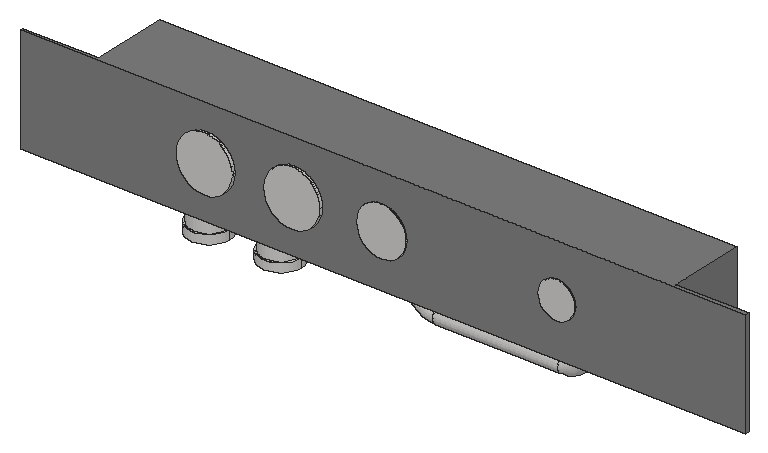
Revit family "5400F", category Generic Models, Revit 2021
Family settings
  Can host rebar = No
  Round Connector Dimension = Use Diameter
  Part Type = Normal
  Work Plane-Based = No
  Always vertical = Yes
  Cut with Voids When Loaded = No
  Shared = No
  Room Calculation Point = No
Parameters
  e-mail = "info@vola.com"
  URL = "http://vola.com"
  Telephone = "+45 7023 5500"
  Quality management standard = "ISO 9001"
  Organisation no. / DUNS no. = "17531328"
  Occupational health and safety management standard = "ISO 18001"
  Mounting Instructions = "http://vola.com/service/producturl.ashx?name=5400F"
  Model = "5400F"
  Materials and components information = "http://vola.com/service/producturl.ashx?name=5400F"
  Manufacturer = "VOLA A/S"
  Maintenance Instructions = "http://vola.com/service/producturl.ashx?name=5400F"
  Guarantee = "2 years"
  Flow = "43,00 l/min"
  Environmental management standard = "ISO 14000"
  Default Elevation = 0.00 mm
  Connection - All relevant connections = ""
  Approvals = "http://vola.com/service/producturl.ashx?name=5400F"
Reference planes
  plane 1 "Center (Front/Back)": y = 0
  plane 2: z = 0
  plane 3 "Center (Left/Right)": x = 0
  plane 4 "Inlet Center Plane": y = -29
  plane 5: z = 85
Forms (mm)
  Extrusion 1, solid, material "Default"
    sketch origin (10, 0, 16) x (1, 0, 0) y (0, 1, 0)
      loop
        line (-147.5, 0) -> (-147.5, -69) -> (366.5, -69) -> (366.5, 0) -> (-147.5, 0)
    from 21.5 to 116.5
  Extrusion 2, solid, material "Default"
    sketch origin (10, -1, 16) x (1, 0, 0) y (0, 1, 0)
      loop
        line (-215, -68) -> (-215, -70.5) -> (431.5, -70.5) -> (431.5, -68) -> (-215, -68)
    from 21.5 to 116.5
  Extrusion 3, solid, material "Stainless Steel"
    sketch origin (-59, -4, 37.5) x (0, 1, 0) y (1, 0, 0)
      loop
        circle (-25, -12) r 16.5
    from 0 to 29.77
  Extrusion 4, solid, material "Stainless Steel"
    sketch origin (5, -4, 37.5) x (0, 1, 0) y (1, 0, 0)
      loop
        circle (-25, -12) r 16.5
    from 0 to 29.77
  Extrusion 5, solid, material "Stainless Steel"
    sketch origin (-51.5, -71.5, 16) x (-1, 0, 0) y (0, 0, -1)
      loop
        circle (-12.5, -69) r 24.89
    from 0 to 2.5
  Extrusion 6, solid, material "Stainless Steel"
    sketch origin (26.5, -71.5, 16) x (-1, 0, 0) y (0, 0, -1)
      loop
        circle (-12.5, -69) r 24.89
    from 0 to 2.5
  Extrusion 7, solid, material "Stainless Steel"
    sketch origin (65.5, -71.5, 16) x (-1, 0, 0) y (0, 0, -1)
      loop
        circle (-51.5, -69) r 22
    from 0 to 0.26
  Extrusion 8, solid, material "Stainless Steel"
    sketch origin (-59, -4, 7.73) x (-1, 0, 0) y (0, 1, 0)
      loop
        circle (12, -25) r 18.5
    from 0 to 7.73
  Extrusion 9, solid, material "Stainless Steel"
    sketch origin (5, -4, 7.73) x (-1, 0, 0) y (0, 1, 0)
      loop
        circle (12, -25) r 18.5
    from 0 to 7.73
  Extrusion 10, solid, material "Stainless Steel"
    sketch origin (221.5, -71.5, 16) x (-1, 0, 0) y (0, 0, -1)
      loop
        circle (-51.5, -69) r 16.5
    from 0 to 0.26
  Sweep 11, solid, material "Stainless Steel"
    path origin (92, -35.26, 1219.2) x (-1, 0, 0) y (0, 0, 1)
      loop
        line (-25, -1181.7) -> (-25, -1186.2)
        arc (-25, -1186.2) -> (-31.59, -1202.11) -> (-47.5, -1208.7) r 22.5
        line (-47.5, -1208.7) -> (-158.5, -1208.7)
        arc (-158.5, -1208.7) -> (-174.41, -1202.11) -> (-181, -1186.2) r 22.5
        line (-181, -1186.2) -> (-181, -1181.7)
    profile origin (117, -35.26, 35.25) x (0, 1, 0) y (-1, 0, 0)
      loop
        circle (0, 0) r 7.5
Cuts and joins
  joined: Extrusion 1, Extrusion 2
Lines and regions (mm)
  reference lines
    curve 1: line (117, -29, 85) -> (117, -121.5, 85)
    curve 2: line (39, -29, 85) -> (39, -121.5, 85)
    curve 3: line (-39, -29, 85) -> (-39, -121.5, 85)
    curve 4: line (-71, -29, 85) -> (-71, -29, -14)
    curve 5: line (-7, -29, 85) -> (-7, -29, -14)
    curve 6: line (273, -29, 85) -> (273, -121.5, 85)
    curve 7: line (117, -35.26, 182.5) -> (117, -35.26, 37.5)
Dimensions and locks
  aligned and locked: plane 2 to level
  aligned and locked: Extrusion 1 to Extrusion 2
  aligned and locked: Extrusion 2 to Extrusion 1
